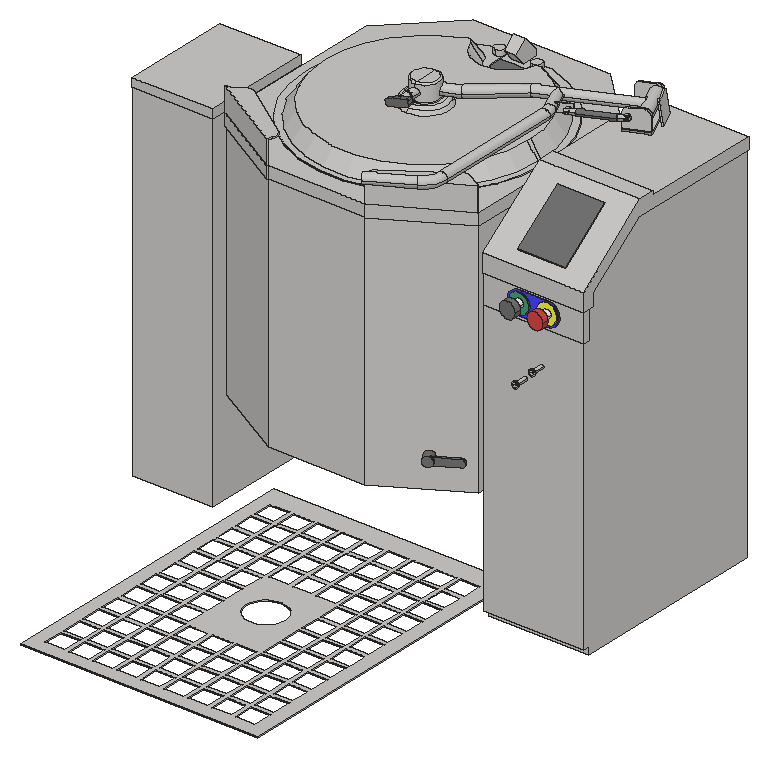
Revit family "QF_DIETATEC_C-CLASSIC_60_180516032051", category Specialty Equipment, Revit 2015 (continued)
Definition of nested family "QF_Dietatec_C-CLASSIC_60_FL"
  Lines and regions (mm)
    symbolic lines
      curve 246: line (553.5, -1114.5, 0) -> (553.5, -1064.5, 0)
      curve 247: line (563.5, -1114.5, 0) -> (613.5, -1114.5, 0)
      curve 248: line (563.5, -1064.5, 0) -> (563.5, -1114.5, 0)
      curve 249: line (613.5, -1064.5, 0) -> (563.5, -1064.5, 0)
      curve 250: line (613.5, -1114.5, 0) -> (613.5, -1064.5, 0)
      curve 251: line (83.5, -1054.5, 0) -> (133.5, -1054.5, 0)
      curve 252: line (83.5, -1004.5, 0) -> (83.5, -1054.5, 0)
      curve 253: line (133.5, -1004.5, 0) -> (83.5, -1004.5, 0)
      curve 254: line (133.5, -1054.5, 0) -> (133.5, -1004.5, 0)
      curve 255: line (143.5, -1054.5, 0) -> (193.5, -1054.5, 0)
      curve 256: line (143.5, -1004.5, 0) -> (143.5, -1054.5, 0)
      curve 257: line (193.5, -1004.5, 0) -> (143.5, -1004.5, 0)
      curve 258: line (193.5, -1054.5, 0) -> (193.5, -1004.5, 0)
      curve 259: line (203.5, -1054.5, 0) -> (253.5, -1054.5, 0)
      curve 260: line (203.5, -1004.5, 0) -> (203.5, -1054.5, 0)
      curve 261: line (253.5, -1004.5, 0) -> (203.5, -1004.5, 0)
      curve 262: line (253.5, -1054.5, 0) -> (253.5, -1004.5, 0)
      curve 263: line (263.5, -1054.5, 0) -> (313.5, -1054.5, 0)
      curve 264: line (263.5, -1004.5, 0) -> (263.5, -1054.5, 0)
      curve 265: line (313.5, -1004.5, 0) -> (263.5, -1004.5, 0)
      curve 266: line (313.5, -1054.5, 0) -> (313.5, -1004.5, 0)
      curve 267: line (323.5, -1054.5, 0) -> (373.5, -1054.5, 0)
      curve 268: line (323.5, -1004.5, 0) -> (323.5, -1054.5, 0)
      curve 269: line (373.5, -1004.5, 0) -> (323.5, -1004.5, 0)
      curve 270: line (373.5, -1054.5, 0) -> (373.5, -1004.5, 0)
      curve 271: line (383.5, -1054.5, 0) -> (433.5, -1054.5, 0)
      curve 272: line (383.5, -1004.5, 0) -> (383.5, -1054.5, 0)
      curve 273: line (433.5, -1004.5, 0) -> (383.5, -1004.5, 0)
      curve 274: line (433.5, -1054.5, 0) -> (433.5, -1004.5, 0)
      curve 275: line (443.5, -1054.5, 0) -> (493.5, -1054.5, 0)
      curve 276: line (443.5, -1004.5, 0) -> (443.5, -1054.5, 0)
      curve 277: line (493.5, -1004.5, 0) -> (443.5, -1004.5, 0)
      curve 278: line (493.5, -1054.5, 0) -> (493.5, -1004.5, 0)
      curve 279: line (503.5, -1054.5, 0) -> (553.5, -1054.5, 0)
      curve 280: line (503.5, -1004.5, 0) -> (503.5, -1054.5, 0)
      curve 281: line (553.5, -1004.5, 0) -> (503.5, -1004.5, 0)
      curve 282: line (553.5, -1054.5, 0) -> (553.5, -1004.5, 0)
      curve 283: line (563.5, -1054.5, 0) -> (613.5, -1054.5, 0)
      curve 284: line (563.5, -1004.5, 0) -> (563.5, -1054.5, 0)
      curve 285: line (613.5, -1004.5, 0) -> (563.5, -1004.5, 0)
      curve 286: line (613.5, -1054.5, 0) -> (613.5, -1004.5, 0)
      curve 287: line (83.5, -994.5, 0) -> (133.5, -994.5, 0)
      curve 288: line (83.5, -944.5, 0) -> (83.5, -994.5, 0)
      curve 289: line (133.5, -944.5, 0) -> (83.5, -944.5, 0)
      curve 290: line (133.5, -994.5, 0) -> (133.5, -944.5, 0)
      curve 291: line (143.5, -994.5, 0) -> (193.5, -994.5, 0)
      curve 292: line (143.5, -944.5, 0) -> (143.5, -994.5, 0)
      curve 293: line (193.5, -944.5, 0) -> (143.5, -944.5, 0)
      curve 294: line (193.5, -994.5, 0) -> (193.5, -944.5, 0)
      curve 295: line (203.5, -994.5, 0) -> (253.5, -994.5, 0)
      curve 296: line (203.5, -944.5, 0) -> (203.5, -994.5, 0)
      curve 297: line (253.5, -944.5, 0) -> (203.5, -944.5, 0)
      curve 298: line (253.5, -994.5, 0) -> (253.5, -944.5, 0)
      curve 299: line (443.5, -994.5, 0) -> (493.5, -994.5, 0)
      curve 300: line (443.5, -944.5, 0) -> (443.5, -994.5, 0)
      curve 301: line (493.5, -944.5, 0) -> (443.5, -944.5, 0)
      curve 302: line (493.5, -994.5, 0) -> (493.5, -944.5, 0)
      curve 303: line (503.5, -994.5, 0) -> (553.5, -994.5, 0)
      curve 304: line (503.5, -944.5, 0) -> (503.5, -994.5, 0)
      curve 305: line (553.5, -944.5, 0) -> (503.5, -944.5, 0)
      curve 306: line (553.5, -994.5, 0) -> (553.5, -944.5, 0)
      curve 307: line (563.5, -994.5, 0) -> (613.5, -994.5, 0)
      curve 308: line (563.5, -944.5, 0) -> (563.5, -994.5, 0)
      curve 309: line (613.5, -944.5, 0) -> (563.5, -944.5, 0)
      curve 310: line (613.5, -994.5, 0) -> (613.5, -944.5, 0)
      curve 311: line (83.5, -934.5, 0) -> (133.5, -934.5, 0)
      curve 312: line (83.5, -884.5, 0) -> (83.5, -934.5, 0)
      curve 313: line (133.5, -884.5, 0) -> (83.5, -884.5, 0)
      curve 314: line (133.5, -934.5, 0) -> (133.5, -884.5, 0)
      curve 315: line (143.5, -934.5, 0) -> (193.5, -934.5, 0)
      curve 316: line (143.5, -884.5, 0) -> (143.5, -934.5, 0)
      curve 317: line (193.5, -884.5, 0) -> (143.5, -884.5, 0)
      curve 318: line (193.5, -934.5, 0) -> (193.5, -884.5, 0)
      curve 319: line (203.5, -934.5, 0) -> (253.5, -934.5, 0)
      curve 320: line (203.5, -884.5, 0) -> (203.5, -934.5, 0)
      curve 321: line (253.5, -884.5, 0) -> (203.5, -884.5, 0)
      curve 322: line (253.5, -934.5, 0) -> (253.5, -884.5, 0)
      curve 323: line (443.5, -934.5, 0) -> (493.5, -934.5, 0)
      curve 324: line (443.5, -884.5, 0) -> (443.5, -934.5, 0)
      curve 325: line (493.5, -884.5, 0) -> (443.5, -884.5, 0)
      curve 326: line (493.5, -934.5, 0) -> (493.5, -884.5, 0)
      curve 327: line (503.5, -934.5, 0) -> (553.5, -934.5, 0)
      curve 328: line (503.5, -884.5, 0) -> (503.5, -934.5, 0)
      curve 329: line (553.5, -884.5, 0) -> (503.5, -884.5, 0)
      curve 330: line (553.5, -934.5, 0) -> (553.5, -884.5, 0)
      curve 331: line (563.5, -934.5, 0) -> (613.5, -934.5, 0)
      curve 332: line (563.5, -884.5, 0) -> (563.5, -934.5, 0)
      curve 333: line (613.5, -884.5, 0) -> (563.5, -884.5, 0)
      curve 334: line (613.5, -934.5, 0) -> (613.5, -884.5, 0)
      curve 335: line (83.5, -874.5, 0) -> (133.5, -874.5, 0)
      curve 336: line (83.5, -824.5, 0) -> (83.5, -874.5, 0)
      curve 337: line (133.5, -824.5, 0) -> (83.5, -824.5, 0)
      curve 338: line (133.5, -874.5, 0) -> (133.5, -824.5, 0)
      curve 339: line (143.5, -874.5, 0) -> (193.5, -874.5, 0)
      curve 340: line (143.5, -824.5, 0) -> (143.5, -874.5, 0)
      curve 341: line (193.5, -824.5, 0) -> (143.5, -824.5, 0)
      curve 342: line (193.5, -874.5, 0) -> (193.5, -824.5, 0)
      curve 343: line (203.5, -874.5, 0) -> (253.5, -874.5, 0)
      curve 344: line (203.5, -824.5, 0) -> (203.5, -874.5, 0)
      curve 345: line (253.5, -824.5, 0) -> (203.5, -824.5, 0)
      curve 346: line (253.5, -874.5, 0) -> (253.5, -824.5, 0)
      curve 347: line (443.5, -874.5, 0) -> (493.5, -874.5, 0)
      curve 348: line (443.5, -824.5, 0) -> (443.5, -874.5, 0)
      curve 349: line (493.5, -824.5, 0) -> (443.5, -824.5, 0)
      curve 350: line (493.5, -874.5, 0) -> (493.5, -824.5, 0)
      curve 351: line (503.5, -874.5, 0) -> (553.5, -874.5, 0)
      curve 352: line (503.5, -824.5, 0) -> (503.5, -874.5, 0)
      curve 353: line (553.5, -824.5, 0) -> (503.5, -824.5, 0)
      curve 354: line (553.5, -874.5, 0) -> (553.5, -824.5, 0)
      curve 355: line (563.5, -874.5, 0) -> (613.5, -874.5, 0)
      curve 356: line (563.5, -824.5, 0) -> (563.5, -874.5, 0)
      curve 357: line (613.5, -824.5, 0) -> (563.5, -824.5, 0)
      curve 358: line (613.5, -874.5, 0) -> (613.5, -824.5, 0)
      curve 359: line (83.5, -814.5, 0) -> (133.5, -814.5, 0)
      curve 360: line (83.5, -764.5, 0) -> (83.5, -814.5, 0)
      curve 361: line (133.5, -764.5, 0) -> (83.5, -764.5, 0)
      curve 362: line (133.5, -814.5, 0) -> (133.5, -764.5, 0)
      curve 363: line (143.5, -814.5, 0) -> (193.5, -814.5, 0)
      curve 364: line (143.5, -764.5, 0) -> (143.5, -814.5, 0)
      curve 365: line (193.5, -764.5, 0) -> (143.5, -764.5, 0)
      curve 366: line (193.5, -814.5, 0) -> (193.5, -764.5, 0)
      curve 367: line (203.5, -814.5, 0) -> (253.5, -814.5, 0)
      curve 368: line (203.5, -764.5, 0) -> (203.5, -814.5, 0)
      curve 369: line (253.5, -764.5, 0) -> (203.5, -764.5, 0)
      curve 370: line (253.5, -814.5, 0) -> (253.5, -764.5, 0)
      curve 371: line (443.5, -814.5, 0) -> (493.5, -814.5, 0)
      curve 372: line (443.5, -764.5, 0) -> (443.5, -814.5, 0)
      curve 373: line (493.5, -764.5, 0) -> (443.5, -764.5, 0)
      curve 374: line (493.5, -814.5, 0) -> (493.5, -764.5, 0)
      curve 375: line (503.5, -814.5, 0) -> (553.5, -814.5, 0)
      curve 376: line (503.5, -764.5, 0) -> (503.5, -814.5, 0)
      curve 377: line (553.5, -764.5, 0) -> (520.361, -764.5, 0)
      curve 378: line (553.5, -814.5, 0) -> (553.5, -764.5, 0)
      curve 379: line (563.5, -814.5, 0) -> (613.5, -814.5, 0)
      curve 380: line (563.5, -764.5, 0) -> (563.5, -814.5, 0)
      curve 381: line (613.5, -764.5, 0) -> (563.5, -764.5, 0)
      curve 382: line (613.5, -814.5, 0) -> (613.5, -764.5, 0)
      curve 383: line (83.5, -754.5, 0) -> (133.5, -754.5, 0)
      curve 384: line (83.5, -704.5, 0) -> (83.5, -754.5, 0)
      curve 385: line (133.5, -704.5, 0) -> (83.5, -704.5, 0)
      curve 386: line (133.5, -754.5, 0) -> (133.5, -704.5, 0)
      curve 387: line (143.5, -754.5, 0) -> (193.5, -754.5, 0)
      curve 388: line (143.5, -704.5, 0) -> (143.5, -754.5, 0)
      curve 389: line (193.5, -704.5, 0) -> (143.5, -704.5, 0)
      curve 390: line (193.5, -754.5, 0) -> (193.5, -704.5, 0)
      curve 391: line (203.5, -754.5, 0) -> (253.5, -754.5, 0)
      curve 392: line (203.5, -704.5, 0) -> (203.5, -754.5, 0)
      curve 393: line (211.034, -704.5, 0) -> (203.5, -704.5, 0)
      curve 394: line (253.5, -754.5, 0) -> (253.5, -710, 0)
      curve 395: line (263.5, -754.5, 0) -> (313.5, -754.5, 0)
      curve 396: line (263.5, -710, 0) -> (263.5, -754.5, 0)
      curve 397: line (313.5, -754.5, 0) -> (313.5, -710, 0)
      curve 398: line (323.5, -754.5, 0) -> (373.5, -754.5, 0)
      curve 399: line (323.5, -710, 0) -> (323.5, -754.5, 0)
      curve 400: line (373.5, -754.5, 0) -> (373.5, -710, 0)
      curve 401: line (383.5, -754.5, 0) -> (433.5, -754.5, 0)
      curve 402: line (383.5, -710, 0) -> (383.5, -754.5, 0)
      curve 403: line (433.5, -754.5, 0) -> (433.5, -710, 0)
      curve 404: line (443.5, -754.5, 0) -> (493.5, -754.5, 0)
      curve 405: line (443.5, -710, 0) -> (443.5, -754.5, 0)
      curve 406: line (493.5, -704.5, 0) -> (485.966, -704.5, 0)
      curve 407: line (493.5, -754.5, 0) -> (493.5, -704.5, 0)
      curve 408: line (537.681, -754.5, 0) -> (553.5, -754.5, 0)
      curve 409: line (503.5, -704.5, 0) -> (503.5, -745.367, 0)
      curve 410: line (553.5, -704.5, 0) -> (503.5, -704.5, 0)
      curve 411: line (553.5, -754.5, 0) -> (553.5, -745.367, 0)
      curve 412: line (563.5, -754.5, 0) -> (613.5, -754.5, 0)
      curve 413: line (563.5, -704.5, 0) -> (563.5, -710.726, 0)
      curve 414: line (574.284, -704.5, 0) -> (563.5, -704.5, 0)
      curve 415: line (613.5, -754.5, 0) -> (613.5, -710.225, 0)
      curve 416: line (83.5, -694.5, 0) -> (133.5, -694.5, 0)
      curve 417: line (83.5, -644.5, 0) -> (83.5, -694.5, 0)
      curve 418: line (107.111, -644.5, 0) -> (83.5, -644.5, 0)
      curve 419: line (133.5, -694.5, 0) -> (133.5, -659.736, 0)
      curve 420: line (143.5, -694.5, 0) -> (193.713, -694.5, 0)
      curve 421: line (143.5, -665.509, 0) -> (143.5, -694.5, 0)
      curve 422: line (503.287, -694.5, 0) -> (553.5, -694.5, 0)
      curve 423: line (553.5, -694.5, 0) -> (553.5, -665.509, 0)
      curve 424: line (563.5, -694.5, 0) -> (591.604, -694.5, 0)
      curve 425: line (563.5, -659.736, 0) -> (563.5, -694.5, 0)
      curve 426: line (613.5, -644.5, 0) -> (595.852, -644.5, 0)
      curve 427: line (1.5, -526, 0) -> (0, -526, 0)
      curve 428: line (1.5, -526, 0) -> (1.5, -519.5, 0)
      curve 429: line (1.5, -519.5, 0) -> (10, -519.5, 0)
      curve 430: line (10, -519.5, 0) -> (10, -520.45, 0)
      curve 431: line (10, -520.45, 0) -> (24.65, -520.45, 0)
      curve 432: line (24.65, -520.45, 0) -> (24.65, -521.381, 0)
      curve 433: arc (24.65, -521.381, 0) -> (25.866, -521.401, 0) -> (27, -521.838, 0) r 3.478
      curve 434: line (695.5, -426, 0) -> (697, -426, 0)
      curve 435: line (695.5, -426, 0) -> (695.5, -432.5, 0)
      curve 436: line (695.5, -432.5, 0) -> (687, -432.5, 0)
      curve 437: line (687, -432.5, 0) -> (687, -431.55, 0)
      curve 438: line (687, -431.55, 0) -> (672.35, -431.55, 0)
      curve 439: line (672.35, -431.55, 0) -> (672.35, -430.619, 0)
      curve 440: arc (672.35, -430.619, 0) -> (671.134, -430.599, 0) -> (670, -430.162, 0) r 3.478
      curve 441: line (687, -432.5, 0) -> (687, -519.5, 0)
      curve 442: line (695.5, -526, 0) -> (697, -526, 0)
      curve 443: line (695.5, -526, 0) -> (695.5, -519.5, 0)
      curve 444: line (695.5, -519.5, 0) -> (687, -519.5, 0)
      curve 445: line (687, -519.5, 0) -> (687, -520.45, 0)
      curve 446: line (687, -520.45, 0) -> (672.35, -520.45, 0)
      curve 447: line (672.35, -520.45, 0) -> (672.35, -521.381, 0)
      curve 448: arc (672.35, -521.381, 0) -> (671.134, -521.401, 0) -> (670, -521.838, 0) r 3.478
      curve 449: line (553.5, -716.5, 0) -> (553.5, -704.5, 0)
      curve 450: line (563.5, -739.594, 0) -> (563.5, -754.5, 0)
      curve 451: line (507.678, -764.5, 0) -> (503.5, -764.5, 0)
      curve 452: arc (613.294, -660.286, 0) -> (608.26, -679.072, 0) -> (594.508, -692.823, 0) r 37.57
      curve 453: arc (607.378, -714.261, 0) -> (630.043, -691.595, 0) -> (638.34, -660.633, 0) r 61.924
      curve 454: arc (638.34, -336.112, 0) -> (636.849, -322.498, 0) -> (632.446, -309.528, 0) r 62.903
      curve 455: arc (609.948, -320.436, 0) -> (612.447, -327.799, 0) -> (613.294, -335.528, 0) r 35.711
      curve 456: line (655.004, -281.002, 0) -> (625.549, -294.737, 0)
      curve 457: line (626.817, -297.456, 0) -> (656.272, -283.721, 0)
      curve 458: line (656.272, -283.721, 0) -> (655.004, -281.002, 0)
      curve 459: line (640.514, -276.449, 0) -> (644.139, -274.759, 0)
      curve 460: line (653.665, -288.089, 0) -> (644.602, -292.316, 0)
      curve 461: line (653.34, -305.494, 0) -> (658.144, -303.255, 0)
      curve 462: line (666.354, -282.765, 0) -> (672.693, -296.36, 0)
      curve 463: line (740.671, -248.111, 0) -> (747.01, -261.705, 0)
      curve 464: line (640.514, -276.449, 0) -> (640.03, -277.778, 0)
      curve 465: line (640.03, -277.778, 0) -> (643.939, -286.162, 0)
      curve 466: line (644.602, -292.316, 0) -> (643.394, -289.726, 0)
      curve 467: line (644.139, -274.759, 0) -> (645.468, -275.243, 0)
      curve 468: line (645.468, -275.243, 0) -> (649.377, -283.626, 0)
      curve 469: line (653.665, -288.089, 0) -> (652.458, -285.5, 0)
      curve 470: line (653.34, -305.494, 0) -> (652.03, -302.685, 0)
      curve 471: line (648.187, -294.547, 0) -> (646.412, -291.472, 0)
      curve 472: line (658.144, -303.255, 0) -> (656.834, -300.445, 0)
      curve 473: line (653.07, -292.27, 0) -> (651.855, -288.933, 0)
      curve 474: line (644.634, -296.204, 0) -> (667.622, -285.484, 0)
      curve 475: line (648.437, -304.36, 0) -> (671.425, -293.641, 0)
      curve 476: arc (644.634, -296.204, 0) -> (645.287, -300.864, 0) -> (648.437, -304.36, 0) r 8.039
      curve 477: line (666.354, -282.765, 0) -> (740.671, -248.111, 0)
      curve 478: line (672.693, -296.36, 0) -> (747.01, -261.705, 0)
      curve 479: line (764.924, -240.112, 0) -> (741.939, -250.829, 0)
      curve 480: line (768.727, -248.268, 0) -> (745.743, -258.986, 0)
      curve 481: arc (764.924, -240.112, 0) -> (768.071, -243.609, 0) -> (768.727, -248.268, 0) r 8.055
      curve 482: line (761.644, -254.992, 0) -> (766.448, -252.752, 0)
      curve 483: line (766.448, -252.752, 0) -> (765.138, -249.942, 0)
      curve 484: line (761.374, -241.767, 0) -> (760.159, -238.43, 0)
      curve 485: line (761.644, -254.992, 0) -> (760.334, -252.182, 0)
      curve 486: line (756.491, -244.044, 0) -> (754.716, -240.969, 0)
      curve 487: line (752.906, -241.813, 0) -> (761.969, -237.586, 0)
      curve 488: line (761.969, -237.586, 0) -> (760.656, -234.77, 0)
      curve 489: line (752.906, -241.813, 0) -> (751.593, -238.996, 0)
      curve 490: line (748.334, -227.276, 0) -> (748.818, -225.947, 0)
      curve 491: line (748.818, -225.947, 0) -> (752.443, -224.256, 0)
      curve 492: line (752.443, -224.256, 0) -> (753.772, -224.74, 0)
      curve 493: line (753.772, -224.74, 0) -> (757.153, -231.99, 0)
      curve 494: line (748.334, -227.276, 0) -> (751.715, -234.526, 0)
      curve 495: line (613.294, -651.772, 0) -> (603.362, -657.506, 0)
      curve 496: line (638.34, -643.085, 0) -> (648.5, -637.219, 0)
      curve 497: line (638.34, -616.527, 0) -> (648.5, -610.661, 0)
      curve 498: arc (638.34, -443.415, 0) -> (645.949, -405.039, 0) -> (648.5, -366, 0) r 300
      curve 499: arc (579.884, -244.312, 0) -> (524.124, -168.466, 0) -> (444.788, -117.796, 0) r 256.929
      curve 500: arc (620.853, -225.207, 0) -> (542.845, -122.461, 0) -> (428.9, -61.974, 0) r 300
      curve 501: line (727.182, -203.21, 0) -> (745.248, -241.955, 0)
      curve 502: arc (415.5, -60.145, 0) -> (422.262, -60.605, 0) -> (428.9, -61.974, 0) r 50
      curve 503: arc (406.018, -352.971, 0) -> (397.26, -399.174, 0) -> (357.5, -424.284, 0) r 58.975
      curve 504: arc (333.5, -88.405, 0) -> (323.7, -89.108, 0) -> (313.931, -90.158, 0) r 278
  Dimensions and locks
    plane 3 "Left" to plane 4 "Right" = 950.5 mm
    plane 5 "Front" to plane 1 "Back" = 769.992 mm
    Extrusion 41 to Extrusion 41 = 1153.5 mm
    aligned and locked: level to plane 2
  Connectors
    electrical at (803.5, -97.5, 120), driven by "Apparent Power", driven by "Volts", driven by "Number of Poles"
      settings: on Extrusion 44, index 4, voltage 400 V, apparent load 0 VA, apparent load phase1 13500 VA, apparent load phase2 0 VA, apparent load phase3 0 VA, power factor 1, load classification none, number of poles 3, system type 31, power factor state 1, is connector primary yes, connector utility no, sub classification motor no, connector description "electrical connection"
    piping at (873.5, -97.5, 120), diameter 12.7, driven by "Cold Water Size", driven by "Cold Water Flow"
      settings: on Extrusion 43, index 5, connector inside diameter 609.6 mm, connector length 0 mm, flow factor 0, pipe flow 0.0 L/s, pressure drop 0.0 Pa, fitting loss kfactor 0, connector angle 0.00°, fixture units 0, engagement length 0 mm, angle of deflection 0.00°, flow configuration 1, flow direction 1, fitting loss method 0, system type 20, joint type 0, gender type 0, connector reference index -1, connector utility 0, adjustable connector no, is connector primary yes, connector description "water inlet"
Definition of nested family "QF_Dietatec_KETTLE_LEFT_LEG"
  Parameters (values of type "KETTLE_LEFT_LEG")
    Width [instance] = 0 mm
    Weight in Pounds = 0
    URL Cutsheet = "www.dietatec.com"
    URL = "www.dietatec.com"
    Status [instance] = ""
    Specification by User [instance] = ""
    Specification by Manufacturer = ""
    Show Logo [instance] = yes
    Show Clearance [instance] = yes
    Serial Number = ""
    Seismic Rating = ""
    SMACNA No = ""
    Revision Code [instance] = ""
    NAFEM Spec ID Number = ""
    Model = "KETTLE_LEFT_LEG"
    Masterspec = ""
    Manufacturer = "DIETATEC"
    ListPrice [instance] = 0
    Item Number [instance] = ""
    Installed By [instance] = ""
    Identify Quantity as Lot [instance] = no
    Height [instance] = 0 mm
    Furnished By [instance] = ""
    Foodservice Equipment Identifier [instance] = yes
    Description = "LEFT LEG OF C-CLASSIC AND CELER MODELS"
    Depth [instance] = 0 mm
    CSI MasterFormat = ""
    Assembly Code = "E1090320"
  Reference planes
    plane 1 "Back": y = 0
    plane 2: z = 0
    plane 3 "Left": x = 0
    plane 4 "Right": x = 1153.5
    plane 5 "Front": y = -770
    plane 6 "Top": z = 1000
  Forms (mm)
    Extrusion 1, solid
      sketch origin (-203, 0, 0) x (1, 0, 0) y (0, 1, 0)
        loop
          line (201.5, -326) -> (1.5, -326) -> (1.5, -601) -> (201.5, -601) -> (201.5, -326)
      from 0 to 880
    Extrusion 2, solid
      sketch origin (-1081.5, -472.5, -153) x (1, 0, 0) y (0, 0, 1)
        loop
          circle (930, 278) r 15
      from -150 to -146.5
    Extrusion 3, solid
      sketch origin (-981.5, -472.5, -153) x (1, 0, 0) y (0, 0, 1)
        loop
          circle (930, 278) r 15
      from -150 to -146.5
    Extrusion 4, solid
      sketch origin (-203, 0, 880) x (1, 0, 0) y (0, 1, 0)
        loop
          line (203, -324.5) -> (0, -324.5) -> (0, -602.5) -> (203, -602.5) -> (203, -324.5)
      from 0 to 21
  Lines and regions (mm)
    symbolic lines
      curve 1: line (0, -324.5, 0) -> (-203, -324.5, 0)
      curve 2: line (0, -602.5, 0) -> (0, -324.5, 0)
      curve 3: line (-203, -602.5, 0) -> (0, -602.5, 0)
      curve 4: line (-203, -324.5, 0) -> (-203, -602.5, 0)
  Dimensions and locks
    plane 3 "Left" to plane 4 "Right" = 1153.5 mm
    plane 5 "Front" to plane 1 "Back" = 770 mm
    aligned and locked: level to plane 2
